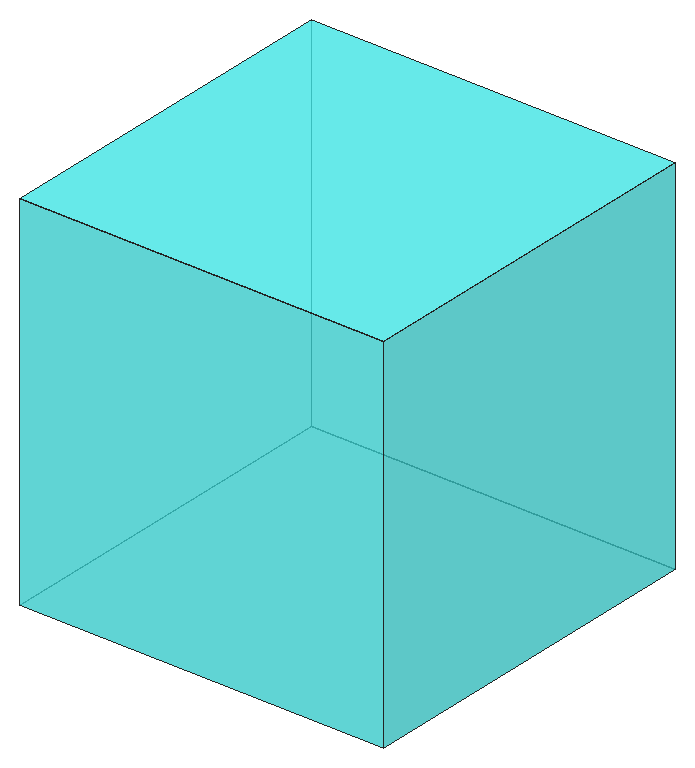
Revit family "Space Planning Box_hec", category Generic Models, Revit 2022
Family settings
  Can host rebar = No
  Round Connector Dimension = Use Diameter
  Part Type = Normal
  Work Plane-Based = No
  Always vertical = Yes
  Cut with Voids When Loaded = No
  Maintain Annotation Orientation = No
  Shared = No
  Room Calculation Point = No
Parameters
  ceiling height [instance] = 0
  Width [instance] = 5' - 0"
  Type Comments = "..."
  Room Name [instance] = "?"
  Program Area [instance] = 0.00 SF
  Length [instance] = 5' - 0"
  Interior Finish [instance] = ""
  Height [instance] = 5' - 0"
  Fill Color [instance] = Cyan
  Exterior Finish [instance] = ""
  Department [instance] = ""
  Default Elevation = 0' - 0"
  Assembly Code = "..."
  Area [instance] = Width * Length  # 25.00 SF
Reference planes (in)
  plane 1 "Center (Front/Back)": y = 0
  plane 2: z = 0
  plane 3 "Center (Left/Right)": x = 0
  plane 4 "Right": x = 30
  plane 5 "Left": x = -30
  plane 6 "Back": y = 30
  plane 7 "Front": y = -30
  plane 8: z = 60
Forms (in)
  Extrusion 1, solid, material "Cyan" <- "Fill Color"
    sketch origin (0, 0, 0) x (1, 0, 0) y (0, 1, 0)
      loop
        line (-30, 30) -> (-30, -30) -> (30, -30) -> (30, 30) -> (-30, 30)
    from 0 to 60
Dimensions and locks (in)
  equal spacing: plane 5 "Left", plane 3 "Center (Left/Right)", plane 4 "Right"
  equal spacing: plane 6 "Back", plane 1 "Center (Front/Back)", plane 7 "Front"
  "Width": plane 5 "Left" to plane 4 "Right"
  "Length": plane 6 "Back" to plane 7 "Front"
  "Height": plane 8 to level
  aligned and locked: plane 2 to level
  aligned and locked: Extrusion 1 sketch curve to plane 6 "Back"
  aligned and locked: plane 5 "Left" to Extrusion 1 sketch curve
  aligned and locked: plane 7 "Front" to Extrusion 1 sketch curve
  aligned and locked: Extrusion 1 sketch curve to plane 4 "Right"
  aligned and locked: plane 8 to Extrusion 1
